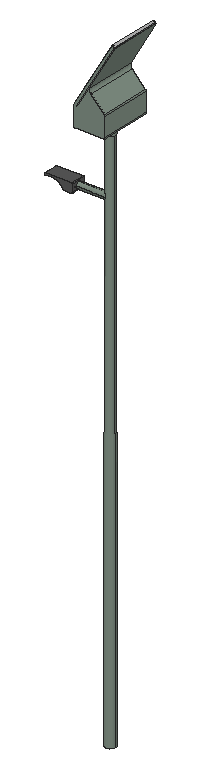
Revit family "Farola Solar Moon M verde bosque", category Luminarias, Revit 2021
Family settings
  Cota de conector redondo = Diámetro de uso
  Tipo de pieza = Normal
  Se basa en plano de trabajo = No
  Siempre vertical = Sí
  Corte con vacíos al cargar = No
  Origen de luz = No
  Compartido = Sí
  Punto de cálculo de habitación = No
Parameters (values of type "Farola Olintu S pintura gris")
  URL producto = "https://ekiona.com/farolas-solares/serie-moon/"
  URL = "https://www.ekiona.com/"
  Teléfono de contacto = "(+34) 943 30 80 51"
  Keynote = ""
  Modelo = "Modelo Moon"
  Marcado CE = "SÍ"
  Garantía = "5 años"
  Gama de colores = "Blanco, Negro, Gris, Verde bosque, acero galvanizado"
  Gama de acabados = "Galvanizado, Fibra de vidrio, Aluminio"
  Fabricante = "Ekiona"
  Elevación por defecto = 2000 mm
  E-mail de contacto = "info@ekiona.com"
  Distancia inserto-columa = Altura columna planos - 136 mm  # 5864 mm
  Distancia brazo-final de columna = Altura columna planos - 700 mm  # 5300 mm
  Dirección = "Parque Tecnológico Miramón - Paseo Mikeletegi 56 - 20009 Donostia/San Sebastián"
  Descripción de la empresa = "Diseñamos, desarrollamos, fabricamos y comercializamos farolas solares que se adaptan a cualquier necesidad."
  Descripción = "Farola solar compacta y estética, la unión entre eficiencia y diseño"
  Clase eficiencia energética = "A++"
  Altura columna extremos = 6000 mm
  Altura columna planos = Altura columna extremos  # 6000 mm
Types (3, lengths in mm): name | URL producto | Modelo | Garantía | Gama de colores | Gama de acabados | Distancia inserto-columa | Distancia brazo-final de columna | Dirección | Descripción de la empresa | Descripción | Altura columna extremos | Altura columna planos
  (no name) | "https://ekiona.com/farolas-solares/serie-moon/" | "Modelo Moon" | "5 años" | "Blanco, Negro, Gris, Verde bosque, acero galvanizado" | "Galvanizado, Fibra de vidrio, Aluminio" | 5864 | 5300 | "Parque Tecnológico Miramón - Paseo Mikeletegi 56 - 20009 Donostia/San Sebastián" | "Diseñamos, desarrollamos, fabricamos y comercializamos farolas solares que se adaptan a cualquier necesidad." | "Farola solar compacta y estética, la unión entre eficiencia y diseño" | 6000 | 6000
  Farola Olintu S pintura blanca | "https://ekiona.com/farolas-solares/serie-olintu/" | "Modelo Olintu" | "2 años" | "" | "" | 3864 | 3300 | "" | "" | "Farola solar que combina diseño y eficencia" | 4000 | 4000
  Farola Olintu S pintura gris | "https://ekiona.com/farolas-solares/serie-moon/" | "Modelo Moon" | "5 años" | "Blanco, Negro, Gris, Verde bosque, acero galvanizado" | "Galvanizado, Fibra de vidrio, Aluminio" | 5864 | 5300 | "Parque Tecnológico Miramón - Paseo Mikeletegi 56 - 20009 Donostia/San Sebastián" | "Diseñamos, desarrollamos, fabricamos y comercializamos farolas solares que se adaptan a cualquier necesidad." | "Farola solar compacta y estética, la unión entre eficiencia y diseño" | 6000 | 6000
Reference planes
  plane 1 "Center (Front/Back)": y = 0
  plane 2: z = 0
  plane 3 "Center (Left/Right)": x = 0
  plane 4: z = 6000
  plane 5: z = 5300
Dimensions and locks
  "Altura columna planos": plane 2 to plane 4
  "Distancia brazo-final de columna": level to plane 5
  "Distancia inserto-columa": level to nested 3
  aligned and locked: level to plane 2
  aligned and locked: plane 5 to nested 2
Nested families
  nested 1: "Columna Moon M verde bosque" at (5, 0, 0), Altura columna <- "Altura columna extremos", type "Columna 6m"
  nested 2: "Luminaria Moon M verde bosque" at (5, 0, 5251.464), type "Luminaria 20W"
  nested 3: "Tolva Moon M verde bosque" at (5, 340, 4524.796), type "Tolva Moon M verde bosque"
Definition of nested family "Columna Moon M verde bosque"
  Parameters (values of type "Columna 7m")
    Øsuperior columna = 88 mm
    Øinferior columna = 115 mm
    Material columna = none
    Default Elevation = 0 mm
    Altura columna [instance] = 7000 mm
  Types (2, lengths in mm): name | Altura columna
    Columna 6m | 6000
    Columna 7m | 7000
  Reference planes
    plane 1 "Center (Front/Back)": y = 0
    plane 2: z = 0
    plane 3 "Center (Left/Right)": x = 0
    plane 4: z = 7000
  Forms (mm)
    Blend 1, solid, material <- "Material columna"
      base sketch origin (0, 0, 0) x (1, 0, 0) y (0, 1, 0)
        loop
          circle (0.091, 0.421) r 57.5
      top sketch origin (0, 0, 0) x (1, 0, 0) y (0, 1, 0)
        loop
          circle (0.091, 0.421) r 44
      from 0 to 7000
  Dimensions and locks
    "Altura columna": plane 4 to level
    "Øinferior columna": diameter of Blend 1 sketch curve
    "Øsuperior columna": diameter of Blend 1 sketch curve
    aligned and locked: level to plane 2
    aligned and locked: plane 4 to Blend 1
  Automatic sketch dimensions
    plane 3 "Center (Left/Right)" to Blend 1 sketch curve = 0.091 mm  (x2)
    Blend 1 sketch curve to plane 1 "Center (Front/Back)" = 0.421 mm  (x2)
Definition of nested family "Luminaria Moon M verde bosque"
  Parameters (values of type "Luminaria 50W")
    Tilt Angle = 70.00°
    built-in parameter 1010506 = 0.34907 (stored number, unit not read)
    built-in parameter 1010507 = 1.2217 (stored number, unit not read)
    Wattage = 50 W
    built-in parameter 1150107 = 3000 (stored number, unit not read)
    built-in parameter 1150110 = 1 (stored number, unit not read)
    built-in parameter 1150109 = 1 (stored number, unit not read)
    built-in parameter 1150112 = 1 (stored number, unit not read)
    built-in parameter 1150113 = 1 (stored number, unit not read)
    built-in parameter 1114218 = 1 (stored number, unit not read)
    built-in parameter 1150137 = (empty or 0)
    built-in parameter 1150132 = (empty or 0)
    Material luminaria = none
    Material brazo = none
    Material LED = none
    Light Source Symbol Length = 3048 mm
    built-in parameter 1150105 = 60769.7 (stored number, unit not read)
    built-in parameter 1150102 = (empty or 0)
    built-in parameter 1150106 = 607.7 (stored number, unit not read)
    Emit Shape Visible in Rendering = no
    Lumens = 8250 lm
    Color Filter = 16777215
    built-in parameter 1114217 = 0.7 (stored number, unit not read)
    built-in parameter 1150139 = (empty or 0)
    Default Elevation = 0 mm
    built-in parameter 1150104 = 15.329 (stored number, unit not read)
    Emit from Circle Diameter = 50 mm
    built-in parameter 1150115 = 1 (stored number, unit not read)
    built-in parameter 1150114 = 1 (stored number, unit not read)
    built-in parameter 1150138 = (empty or 0)
    built-in parameter 1150134 = (empty or 0)
    Dimming Lamp Color Temperature Shift = (empty or 0)
    built-in parameter 1150133 = 10 (stored number, unit not read)
  Types (4, lengths in mm): name | Wattage | built-in parameter 1150105 | built-in parameter 1150106 | Lumens
    Luminaria 30W | 30 W | 36461.8 (stored number, unit not read) | 364.62 (stored number, unit not read) | 4950 lm
    Luminaria 20W | 20 W | 24307.9 (stored number, unit not read) | 243.08 (stored number, unit not read) | 3300 lm
    Luminaria 40W | 40 W | 48615.8 (stored number, unit not read) | 486.16 (stored number, unit not read) | 6600 lm
    Luminaria 50W | 50 W | 60769.7 (stored number, unit not read) | 607.7 (stored number, unit not read) | 8250 lm
  Reference planes
    plane 1 "Center (Front/Back)": y = 0
    plane 2: z = 0
    plane 3 "Center (Left/Right)": x = 0
  Forms (mm)
    Revolve 1, solid, material <- "Material brazo"
      sketch origin (303.946, 1.989, 0) x (1, 0, 0) y (0, 1, 0)
        loop
          line (-668.06, 30) -> (-302.022, 30) -> (-302.022, 33.284) -> (-668.06, 33.284) -> (-668.06, 30)
        axis (-668.06, 0) -> (-302.022, 0)
      angle from 0 to 360
    Revolve 2, solid, material <- "Material LED"
      sketch origin (637.978, 0, -3.572) x (1, 0, 0) y (0, 0, 1)
        loop
          arc (-1192.369, 27.257) -> (-1185.047, 9.579) -> (-1167.369, 2.257) r 25
          line (-1167.369, 2.257) -> (-1167.369, 27.257) -> (-1192.369, 27.257)
        axis (-1167.369, 27.257) -> (-1167.369, 2.257)
      angle from 0 to 360
    Extrusion 3, solid, material <- "Material luminaria"
      sketch origin (188.457, 170, 0) x (1, 0, 0) y (0, 0, 1)
        loop
          arc (-530.557, 45) -> (-532.034, 47.059) -> (-534.093, 48.536) r 7.795
          line (-534.093, 48.536) -> (-819.093, 48.536)
          arc (-819.093, 48.536) -> (-830.585, 37.044) -> (-819.093, 25.552) r 11.492
          line (-819.093, 25.552) -> (-754.765, 25.552)
          arc (-754.765, 25.552) -> (-719.662, 20.455) -> (-685.221, 11.966) r 364.063
          arc (-685.221, 11.966) -> (-667.18, 1.896) -> (-655.103, -14.869) r 47.612
          arc (-655.103, -14.869) -> (-633.37, -40.263) -> (-603.441, -55.142) r 83.798
          arc (-603.441, -55.142) -> (-569.333, -56.37) -> (-535.764, -50.207) r 157.18
          arc (-535.764, -50.207) -> (-532.082, -48.682) -> (-530.557, -45) r 5.207
          line (-530.557, -45) -> (-530.557, 45)
      from 95.307 to 250
  Dimensions and locks
    aligned and locked: level to plane 2
Definition of nested family "Tolva Moon M verde bosque"
  Parameters (values of type "Tolva Moon M verde bosque")
    Model = "Tolva Olintu"
    Material inserto = none
    Material estructura base = none
    Manufacturer = "Ekiona"
    Default Elevation = 0 mm
    Ancho panel = 545 mm
  Reference planes
    plane 1 "Center (Front/Back)": y = 0
    plane 2: z = 0
    plane 3 "Center (Left/Right)": x = 0
    plane 4 "paralelo a vista izq": y = -337.5
    plane 5 "Plano 1": through (259.959, -25, 3493.187) normal (-0.5, 0, 0.866)
    plane 6: through (97.83, 0, 2130.088) normal (-0.866, 0, 0.5)
  Forms (mm)
    Revolve 1, solid, material <- "Material inserto"
      sketch origin (0, 0, -386.551) x (0, 1, 0) y (0, 0, 1)
        loop
          line (-287.5, 2035.827) -> (-287.5, 1725.755) -> (-284.5, 1725.755) -> (-284.5, 2035.827) -> (-287.5, 2035.827)
        axis (-337.5, 2035.827) -> (-337.5, 1725.755)
      angle from 0 to 360
    Extrusion 2, solid, not visible
      sketch origin (124.705, 0, 1465.982) x (1, 0, 0) y (0, 0, 1)
        loop
          line (25.298, 2103.034) -> (-292.965, 1551.785) -> (-241.004, 1521.785) -> (77.26, 2073.034) -> (25.298, 2103.034)
      from 70.047 to 615.047
    Extrusion 3, void, not visible
      sketch origin (-63.196, 0, 1140.322) x (1, 0, 0) y (0, 0, 1)
        loop
          line (224.128, 2422.685) -> (236.948, 2349.979) -> (276.798, 2419.002) -> (224.128, 2422.685)
      from 0 to 675
    Extrusion 4, void, not visible
      sketch origin (124.705, 0, 1465.982) x (1, 0, 0) y (0, 0, 1)
        loop
          line (-212.839, 1570.569) -> (-289.787, 1549.95) -> (-300.47, 1528.787) -> (-231.188, 1488.787) -> (-191.188, 1558.069) -> (-212.839, 1570.569)
      from 0 to 675
    Extrusion 5, solid, not visible
      sketch origin (-63.252, 0, 1140.601) x (1, 0, 0) y (0, 0, 1)
        loop
          line (212.635, 2427.51) -> (224.709, 2420.539) -> (237.206, 2349.669) -> (152.052, 2202.179) -> (153.752, 2201.197) -> (239.192, 2349.183) -> (226.372, 2421.888) -> (213.635, 2429.242) -> (212.635, 2427.51)
      from 70.047 to 615.047
    Extrusion 6, solid, not visible
      sketch origin (124.679, 0, 1466.114) x (1, 0, 0) y (0, 0, 1)
        loop
          line (-35.879, 1876.666) -> (-212.705, 1570.395) -> (-289.813, 1549.734) -> (-293.065, 1551.612) -> (-294.068, 1549.876) -> (-290.068, 1547.567) -> (-211.46, 1568.63) -> (-34.182, 1875.686) -> (-35.879, 1876.666)
      from 70.047 to 615.047
    Extrusion 7, solid, not visible
      sketch origin (124.769, 0, 1465.921) x (1, 0, 0) y (0, 0, 1)
        loop
          line (-292.965, 1551.785) -> (25.035, 2102.578) -> (-5.276, 2120.078) -> (-323.276, 1569.285) -> (-292.965, 1551.785)
      from 70.047 to 615.047
    Extrusion 8, void, not visible
      sketch origin (-1013.482, -34.1, 1392.821) x (0, 1, 0) y (0.5, 0, 0.866025)
        loop
          line (-463.861, 2321.81) -> (-416.148, 2321.81)
          arc (-416.148, 2321.81) -> (-419.48, 2339.286) -> (-430.409, 2353.323) r 37.954
          arc (-430.409, 2353.323) -> (-445.409, 2358.568) -> (-460.409, 2353.323) r 24.073
          arc (-460.409, 2353.323) -> (-471.433, 2339.075) -> (-474.645, 2321.349) r 37.954
          arc (-474.645, 2321.349) -> (-473.167, 2312.913) -> (-469.836, 2305.024) r 37.954
          arc (-469.836, 2305.024) -> (-441.562, 2289.96) -> (-416.017, 2309.293) r 29.744
          line (-416.017, 2309.293) -> (-423.962, 2312.74)
          arc (-423.962, 2312.74) -> (-442.617, 2300.75) -> (-461.255, 2312.766) r 20.484
          arc (-461.255, 2312.766) -> (-462.888, 2317.193) -> (-463.861, 2321.81) r 32.425
        loop
          line (-462.861, 2331.038) -> (-427.861, 2331.038)
          arc (-427.861, 2331.038) -> (-445.361, 2348.538) -> (-462.861, 2331.038) r 17.5
        loop
          line (-407.152, 2354.99) -> (-407.152, 2299.99)
          arc (-407.152, 2299.99) -> (-401.908, 2294.747) -> (-396.665, 2299.99) r 5.244
          line (-396.665, 2299.99) -> (-396.665, 2315.008) -> (-387.196, 2324.476) -> (-367.121, 2295.806)
          arc (-367.121, 2295.806) -> (-360.158, 2294.578) -> (-358.93, 2301.542) r 5
          line (-358.93, 2301.542) -> (-380.016, 2331.656) -> (-362.339, 2349.334)
          arc (-362.339, 2349.334) -> (-362.339, 2357.323) -> (-370.328, 2357.323) r 5.649
          line (-370.328, 2357.323) -> (-396.665, 2330.986) -> (-396.665, 2354.99)
          arc (-396.665, 2354.99) -> (-401.908, 2360.234) -> (-407.152, 2354.99) r 5.244
        loop
          line (-345.695, 2330.348) -> (-345.695, 2298.296)
          arc (-345.695, 2298.296) -> (-340.695, 2293.296) -> (-335.695, 2298.296) r 5
          line (-335.695, 2298.296) -> (-335.695, 2330.348)
          arc (-335.695, 2330.348) -> (-340.695, 2335.348) -> (-345.695, 2330.348) r 5
        loop
          arc (-313.958, 2351.943) -> (-322.635, 2348.932) -> (-329.497, 2355.038) r 9.076
          arc (-329.497, 2355.038) -> (-336.449, 2361.579) -> (-345.695, 2359.211) r 9.903
          arc (-345.695, 2359.211) -> (-348.682, 2355.086) -> (-349.922, 2350.147) r 13.45
          arc (-349.922, 2350.147) -> (-346.706, 2343.243) -> (-339.177, 2342.089) r 8.071
          arc (-339.177, 2342.089) -> (-335.695, 2342.685) -> (-332.214, 2342.089) r 10.463
          arc (-332.214, 2342.089) -> (-327.031, 2338.208) -> (-325.061, 2332.04) r 10.635
          arc (-325.061, 2332.04) -> (-262.525, 2310.202) -> (-313.958, 2351.943) r 33.621
        loop
          line (-250.357, 2353.481) -> (-250.357, 2298.481)
          arc (-250.357, 2298.481) -> (-243.625, 2291.749) -> (-236.893, 2298.481) r 6.732
          line (-236.893, 2298.481) -> (-236.893, 2343.466)
          arc (-236.893, 2343.466) -> (-229.971, 2349.019) -> (-221.459, 2351.529) r 22.933
          arc (-221.459, 2351.529) -> (-212.902, 2347.984) -> (-209.357, 2339.427) r 12.102
          line (-209.357, 2339.427) -> (-209.357, 2298.481)
          arc (-209.357, 2298.481) -> (-203.024, 2292.148) -> (-196.691, 2298.481) r 6.333
          line (-196.691, 2298.481) -> (-196.691, 2339.905)
          arc (-196.691, 2339.905) -> (-198.028, 2347.169) -> (-201.863, 2353.481) r 20.404
          arc (-201.863, 2353.481) -> (-219.569, 2360.932) -> (-237.793, 2354.854) r 27.258
          arc (-237.793, 2354.854) -> (-244.69, 2359.8) -> (-250.357, 2353.481) r 6.357
        loop
          arc (-184.719, 2344.597) -> (-181.441, 2338.502) -> (-174.681, 2339.98) r 5.745
          arc (-174.681, 2339.98) -> (-169.693, 2349.593) -> (-159.36, 2352.836) r 14.106
          arc (-159.36, 2352.836) -> (-151.076, 2350.212) -> (-144.661, 2344.349) r 20.193
          line (-144.661, 2344.349) -> (-144.661, 2338.186)
          arc (-144.661, 2338.186) -> (-158.183, 2333.475) -> (-172.248, 2330.794) r 97.575
          arc (-172.248, 2330.794) -> (-181.869, 2326.808) -> (-185.855, 2317.187) r 13.607
          arc (-185.855, 2317.187) -> (-186.09, 2312.502) -> (-186.044, 2307.811) r 78.299
          arc (-186.044, 2307.811) -> (-182.313, 2300.899) -> (-176.154, 2296.024) r 19.471
          arc (-176.154, 2296.024) -> (-166.154, 2293.649) -> (-156.154, 2296.024) r 22.235
          arc (-156.154, 2296.024) -> (-150.683, 2299.242) -> (-145.676, 2303.144) r 48.757
          line (-145.676, 2303.144) -> (-145.676, 2297.176)
          arc (-145.676, 2297.176) -> (-140.801, 2292.301) -> (-135.926, 2297.176) r 4.875
          line (-135.926, 2297.176) -> (-135.926, 2347.483)
          arc (-135.926, 2347.483) -> (-140.108, 2354.143) -> (-146.491, 2358.739) r 20.503
          arc (-146.491, 2358.739) -> (-158.534, 2361.376) -> (-170.577, 2358.739) r 28.822
          arc (-170.577, 2358.739) -> (-178.914, 2352.934) -> (-184.719, 2344.597) r 28.822
        loop
          arc (-144.661, 2330.676) -> (-156.177, 2325.488) -> (-168.693, 2323.785) r 44.019
          arc (-168.693, 2323.785) -> (-173.358, 2321.852) -> (-175.29, 2317.187) r 6.598
          arc (-175.29, 2317.187) -> (-175.527, 2313.145) -> (-175.29, 2309.103) r 34.669
          arc (-175.29, 2309.103) -> (-173.729, 2305.335) -> (-169.961, 2303.774) r 5.329
          arc (-169.961, 2303.774) -> (-163.465, 2302.436) -> (-156.969, 2303.774) r 16.436
          arc (-156.969, 2303.774) -> (-150.056, 2308.034) -> (-144.661, 2314.101) r 27.926
          line (-144.661, 2314.101) -> (-144.661, 2330.676)
      from -19.407 to 3
    Revolve 9, solid, not visible
      sketch origin (0, 0, 1241.412) x (0, 1, 0) y (0, 0, 1)
        loop
          line (-287.5, 2035.827) -> (-287.5, 1725.755) -> (-284.5, 1725.755) -> (-284.5, 2035.827) -> (-287.5, 2035.827)
        axis (-337.5, 2035.827) -> (-337.5, 1725.755)
      angle from 0 to 360
    Extrusion 10, solid, not visible
      sketch origin (128.943, 0, 6.927) x (1, 0, 0) y (0, 0, 1)
        loop
          line (25.298, 2103.034) -> (-292.965, 1551.785) -> (-241.004, 1521.785) -> (77.26, 2073.034) -> (25.298, 2103.034)
      from 70.047 to 615.047
    Extrusion 11, solid, not visible
      sketch origin (-59.014, 0, -318.454) x (1, 0, 0) y (0, 0, 1)
        loop
          line (212.635, 2427.51) -> (224.709, 2420.539) -> (237.206, 2349.669) -> (152.052, 2202.179) -> (153.752, 2201.197) -> (239.192, 2349.183) -> (226.372, 2421.888) -> (213.635, 2429.242) -> (212.635, 2427.51)
      from 70.047 to 615.047
    Extrusion 12, solid, not visible
      sketch origin (128.918, 0, 7.059) x (1, 0, 0) y (0, 0, 1)
        loop
          line (-35.879, 1876.666) -> (-212.705, 1570.395) -> (-289.813, 1549.734) -> (-293.065, 1551.612) -> (-294.068, 1549.876) -> (-290.068, 1547.567) -> (-211.46, 1568.63) -> (-34.182, 1875.686) -> (-35.879, 1876.666)
      from 70.047 to 615.047
    Revolve 13, solid, not visible
      sketch origin (0, 0, -217.643) x (0, 1, 0) y (0, 0, 1)
        loop
          line (-287.5, 2035.827) -> (-287.5, 1725.755) -> (-284.5, 1725.755) -> (-284.5, 2035.827) -> (-287.5, 2035.827)
        axis (-337.5, 2035.827) -> (-337.5, 1725.755)
      angle from 0 to 360
    Extrusion 14, solid
      sketch origin (106.298, 0, 251.777) x (1, 0, 0) y (0, 0, 1)
        loop
          line (160.132, 2120.334) -> (134.151, 2135.334) -> (-268.349, 1438.184) -> (-242.368, 1423.184) -> (160.132, 2120.334)
      from 72.309 to 613.86
    Extrusion 15, solid, material <- "Material estructura base"
      sketch origin (0, 0, 0) x (1, 0, 0) y (0, 0, 1)
        loop
          arc (147.315, 1456.297) -> (160.446, 1461.736) -> (165.885, 1474.867) r 18.569
          line (165.885, 1474.867) -> (165.885, 1674.867)
          arc (165.885, 1674.867) -> (163.765, 1685.3) -> (157.744, 1694.079) r 26.74
          line (157.744, 1694.079) -> (12.787, 1839.036)
          arc (12.787, 1839.036) -> (-0.782, 1863.06) -> (0, 1890.64) r 51.489
          line (0, 1890.64) -> (275.091, 2367.111) -> (244.78, 2384.611) -> (-167.647, 1670.268)
          arc (-167.647, 1670.268) -> (-169.408, 1662.657) -> (-170, 1654.867) r 51.572
          line (-170, 1654.867) -> (-170, 1477.511)
          arc (-170, 1477.511) -> (-163.787, 1462.511) -> (-148.787, 1456.297) r 21.213
          line (-148.787, 1456.297) -> (147.315, 1456.297)
      from 70.047 to 615.047
  Dimensions and locks
    Revolve 1 sketch curve to Revolve 1 sketch curve = 50 mm
    Revolve 1 sketch curve to Revolve 1 sketch curve = 53 mm
    Revolve 13 sketch curve to Revolve 13 sketch curve = 50 mm
    Revolve 13 sketch curve to Revolve 13 sketch curve = 53 mm
    Extrusion 15 to Extrusion 14 = 805 mm
    aligned and locked: level to plane 2
